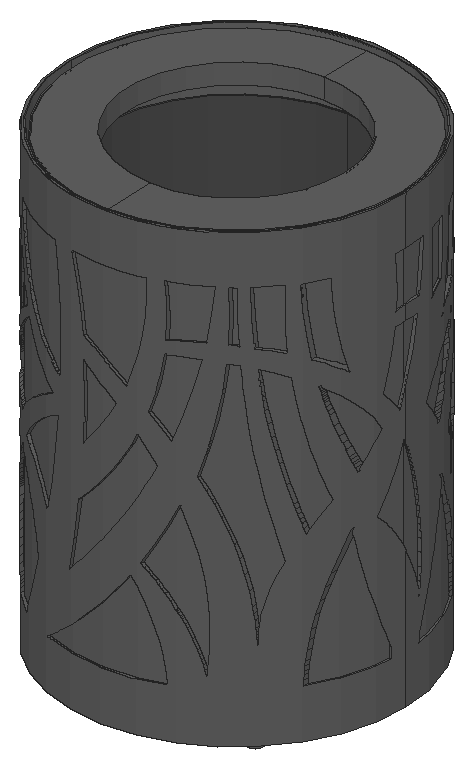
Revit family (continued)
Definition of nested family "Shell-Surface-SiteScapes-Circular-TallGrass_Large"
  Automatic sketch dimensions
    curve 271 to level = 0' - 6.29915"
    curve 288 to level = 0' - 5.59335"
    curve 218 to level = 0' - 3.36222"
    curve 279 to plane 11 "Pattern Bottom" = 0' - 0.15847"
    plane 11 "Pattern Bottom" to curve 302 = 0' - 0.6974"
    plane 11 "Pattern Bottom" to curve 282 = 0' - 0.6974"
    plane 11 "Pattern Bottom" to curve 322 = 0' - 0.91939"
    curve 301 to curve 277 = 0' - 0.8254"
    curve 277 to curve 247 = 0' - 2.07354"
    curve 323 to curve 321 = 0' - 2.07354"
    curve 302 to curve 284 = 0' - 2.34699"
    curve 247 to curve 248 = 0' - 0.27404"
    plane 11 "Pattern Bottom" to curve 305 = 0' - 3.27961"
    curve 248 to curve 249 = 0' - 0 59/256"
    curve 249 to curve 251 = 0' - 0.18689"
    curve 250 to curve 251 = 0' - 0.20458"
    curve 251 to curve 252 = 0' - 0.22291"
    curve 284 to curve 267 = 0' - 1.2451"
    curve 305 to curve 325 = 0' - 1.1728"
    plane 11 "Pattern Bottom" to curve 275 = 0' - 4.54361"
    curve 252 to curve 253 = 0' - 0.48443"
    curve 253 to curve 255 = 0' - 0.47542"
    curve 255 to curve 255 = 0' - 0.47393"
    curve 275 to curve 226 = 0' - 1.03087"
    curve 271 to curve 332 = 0' - 1.18423"
    curve 317 to curve 328 = 0' - 2.86355"
    curve 275 to curve 285 = 0' - 1.38147"
    curve 255 to curve 256 = 0' - 1.07147"
    plane 11 "Pattern Bottom" to curve 327 = 0' - 7.17002"
    curve 325 to curve 286 = 0' - 0.46025"
    curve 270 to curve 277 = 0' - 0.30978"
    curve 229 to curve 279 = 0' - 2.18656"
    curve 270 to curve 268 = 0' - 0.03861"
    curve 257 to curve 257 = 0' - 1.06009"
    curve 331 to curve 301 = 0' - 1.692"
    curve 317 to curve 305 = 0' - 1.87598"
    curve 257 to curve 246 = 0' - 0.68608"
    curve 322 to curve 327 = 0' - 1.56591"
    curve 259 to curve 259 = 0' - 0.92296"
    curve 305 to curve 305 = 0' - 0.26693"
    curve 246 to curve 265 = 0' - 0.16151"
    curve 331 to curve 290 = 0' - 2.16782"
    curve 290 to curve 274 = 0' - 0.87736"
    curve 245 to curve 244 = 0' - 1.44974"
    curve 262 to curve 263 = 0' - 0.86935"
    curve 278 to curve 329 = 0' - 0.32481"
    curve 244 to curve 244 = 0' - 1.45194"
    curve 339 to curve 285 = 0' - 1.02812"
    curve 263 to curve 263 = 0' - 0.86073"
    curve 266 to curve 203 = 0' - 1.35886"
    curve 266 to curve 269 = 0' - 1.43203"
    curve 263 to curve 264 = 0' - 0.85211"
    curve 297 to curve 306 = 0' - 0.23245"
    curve 244 to curve 243 = 0' - 1.45414"
    curve 242 to curve 242 = 0' - 1.46555"
    curve 330 to curve 311 = 0' - 0.26212"
    curve 227 to curve 215 = 0' - 0.06315"
    curve 230 to curve 228 = 0' - 2.16374"
    curve 328 to curve 331 = 0' - 0.00845"
    curve 271 to curve 273 = 0' - 0.72364"
    curve 311 to curve 335 = 0' - 0.5921"
    curve 242 to curve 240 = 0' - 1.0842"
    curve 240 to curve 239 = 0' - 1.08793"
    curve 239 to curve 238 = 0' - 1.08538"
    curve 332 to curve 338 = 0' - 1.36549"
    curve 239 to curve 238 = 0' - 0.43023"
    curve 237 to curve 237 = 0' - 0.43368"
    curve 237 to curve 236 = 0' - 0.36902"
    curve 236 to curve 223 = 0' - 0.19669"
    curve 307 to curve 298 = 0' - 0.99084"
    curve 235 to curve 235 = 0' - 0.40383"
    curve 203 to curve 201 = 0' - 0.89213"
    curve 235 to curve 233 = 0' - 0.45124"
    curve 233 to curve 232 = 0' - 0.49865"
    curve 232 to curve 231 = 0' - 0.0816"
    curve 319 to curve 318 = 0' - 0.16098"
    curve 231 to curve 231 = 0' - 0.07939"
    curve 201 to curve 200 = 0' - 0.90335"
    curve 201 to curve 213 = 0' - 0.91438"
    curve 216 to curve 220 = 0' - 0.15561"
    curve 220 to curve 218 = 0' - 0.07868"
    curve 315 to curve 315 = 0' - 0.07868"
    curve 213 to curve 213 = 0' - 0.9251"
    curve 212 to curve 212 = 0' - 0.81884"
    curve 264 to curve 314 = 0' - 1.75906"
    curve 210 to curve 209 = 0' - 0.25891"
    curve 220 to curve 216 = 0' - 1.6285"
    Extrusion 9 sketch curve to Extrusion 9 sketch curve = 0' - 0"  (x2)
    Extrusion 9 sketch curve to Extrusion 9 sketch curve = 0' - 0 1/16"
    radius of Masking region 2 sketch curve to Extrusion 1 = 0' - 0"
    radius of Extrusion 8 sketch curve = 0' - 0.2656"  (x3)
Types (4): name | Type Comments | Model | Lid Type | Product Documentation Link
  TG2-3000 | "TallGrass Large,36 Gal. Round, Capacity, Flat Top" | "TG2-3000" | Lid-Flat_Top-SiteScapes-Circular : 24" | "http://www.sitescapesonline.com/pdf/TG2-3000%20-%20Customer%20Print.PDF"
  TG2-3001 | "TallGrass Large,36 Gal. Round, Capacity, Dome Top" | "TG2-3001" | Lid-Dome_Top-SiteScapes-Circular : 24" | "http://www.sitescapesonline.com/pdf/TG2-3001%20-%20Customer%20Print.PDF"
  TG2-3002 | "TallGrass Large,36 Gal. Round, Capacity, Ash Top" | "TG2-3002" | Lid-Ash_Top-SiteScapes-Circular : 24" | "http://www.sitescapesonline.com/pdf/TG2-3002%20-%20Customer%20Print.PDF"
  TG2-3003 | "TallGrass Large,36 Gal. Round, Capacity, Enclosed Dome Top" | "TG2-3003" | Lid-Enclosed_Dome_Top-SiteScapes-Circular : 24" | "http://www.sitescapesonline.com/pdf/TG2-3003%20-%20Customer%20Print.PDF"
